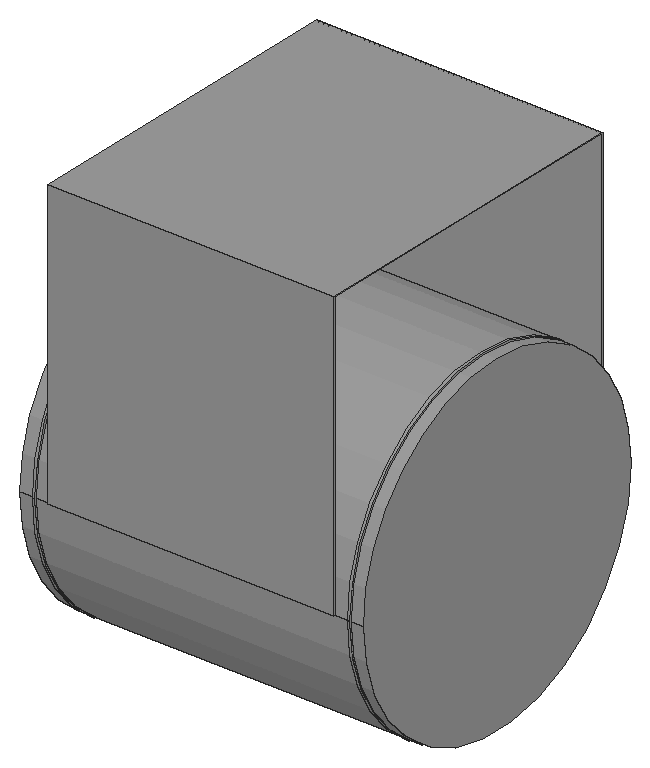
Revit family "BIMLIB_КанальныйВентилятор_CMF_SHUFT", category Оборудование, Revit 2017
Family settings
  Размер круглого соединителя = Использовать диаметр
  Тип детали = Вставляется
  На основе рабочей плоскости = Нет
  Всегда вертикально = Да
  При загрузке вырезать с полостями = Нет
  Общий = Нет
  Точка расчета площади = Нет
Parameters (values of type "CMFD 630")
  Повернуть УГО [instance] = yes
  Описание = "Корпус вентиляторов серии CMFE изготовлен из высококачественной стали, а CMFD – из алюминия. Вентиляторы оборудованы высокоэффективной диагональной крыльчаткой с направляющим аппаратом, обеспечивающим высокий КПД. Двигатель отделен от воздушного потока, клеммная коробка IP44. Шариковые подшипники двигателя не требуют техобслуживания и имеют длительный срок службы. Регулирование скорости вентиляторов CMFE осуществляется путем изменения напряжения за счет использования пятиступенчатых трансформаторов TRE-T или однофазных плавных регуляторов скорости SRE. К одному регулятору можно подключить несколько вентиляторов при условии, что общий ток вентиляторов не превышает номинальный ток регулятора. Регулирование скорости вентиляторов CMFD осуществляется с помощью частотных преобразователей VLT. В двигатели вентиляторов CMFE 250, CMFE 315 встроены защитные термореле с ручным перезапуском, а в двигатели остальных вентиляторов - термоконтакты, требующие подключения внешнего защитного термореле. В случае применения пятиступенчатых регуляторов скорости TRE-T дополнительное защитное термореле не нужно. На корпусе вентилятора имеется устойчивая опора для надежного монтажа."  # constant formula
  Климатическое исполнение = "У2"  # constant formula
  Изготовитель = "ООО «Завод ВКО» марка SHUFT"  # constant formula
  r1 = R + 1.4 mm  # 318.6 mm
  Watermark [instance] = "Модели защищены уникальным кодом"
  W = 638 mm
  URL = "http://www.shuft.ru/"
  R = D / 2  # 317.2 mm
  IP Двигателя = "IP55"
  H = 643 mm
  L = 653.5 mm
  D = 634.4 mm
  BL_Разработано = "support@bimlib.pro"  # constant formula
  BL_Email = "bimmodels@rusklimat.ru"  # constant formula
  BL_BIM library = "https://bimlib.pro/manufacturer/company/23829"
  ADSK_Частота вращения вентилятора = 1450
  ADSK_Ток = 5.1 A
  ADSK_Расход воздуха [instance] = 0.0 L/s
  ADSK_Размер_Диаметр = 630 mm
  ADSK_Примечание [instance] = ""
  ADSK_Потеря давления воздуха [instance] = 0.0 Pa
  ADSK_Полная мощность = ADSK_Номинальная мощность / ADSK_Коэффициент мощности  # 2.79 kW
  ADSK_Позиция = ""
  ADSK_Обозначение = ""
  ADSK_Номинальная мощность = 2.79 kW
  ADSK_Напряжение = 400 V
  ADSK_Наименование = "Канальный вентилятор CMFD 630"
  ADSK_Материал = BIMLIB_Сталь_SHUFT
  ADSK_Масса = 49.5
  ADSK_Марка = "CMFD 630"
  ADSK_Коэффициент мощности = 1
  ADSK_Количество фаз = 3
  ADSK_Код изделия = ADSK_Марка  # "CMFD 630"
  ADSK_Классификация нагрузок = Прочее
  ADSK_Завод-изготовитель = "ООО «Завод ВКО» марка SHUFT"  # constant formula
  ADSK_Единица измерения = "шт."  # constant formula
  ADSK_Версия семейства = "v.1"  # constant formula
  ADSK_Версия Revit = "2017"  # constant formula
  ADSK_URL страницы изделия = "http://www.shuft.ru/catalog/1/200/3000/4007/"
  ADSK_URL документации изделия = "http://www.shuft.ru/upload/downloads/passport-CMF.pdf"
Types (10, lengths in mm): name | Повернуть УГО | r1 | W | R | IP Двигателя | H | L | D | ADSK_Частота вращения вентилятора | ADSK_Ток | ADSK_Размер_Диаметр | ADSK_Полная мощность | ADSK_Номинальная мощность | ADSK_Напряжение | ADSK_Наименование | ADSK_Масса | ADSK_Марка | ADSK_Количество фаз | ADSK_Код изделия
  CMFE 160 | yes | 80.75 | 235 | 79.35 | "IP00" | 243.1 | 260 | 158.7 | 2610 | 0.6 A | 160 | 0.124 kW | 0.124 kW | 230 V | "Канальный вентилятор CMFE 160" | 3.3 | "CMFE 160" | 1 | "CMFE 160"
  CMFE 200 | yes | 102 | 199 | 100.6 | "IP00" | 205 | 225 | 201.2 | 2720 | 0.5 A | 200 | 0.09 kW | 0.09 kW | 230 V | "Канальный вентилятор CMFE 200" | 2.9 | "CMFE 200" | 1 | "CMFE 200"
  CMFE 250 | yes | 126.4 | 254 | 125 | "IP33" | 259 | 214.5 | 250 | 2680 | 0.8 A | 250 | 0.16 kW | 0.16 kW | 230 V | "Канальный вентилятор CMFE 250" | 5.4 | "CMFE 250" | 1 | "CMFE 250"
  CMFE 315 | no | 158.9 | 337 | 157.5 | "IP00" | 319 | 308 | 315 | 2810 | 1.6 A | 315 | 0.26 kW | 0.26 kW | 230 V | "Канальный вентилятор CMFE 315" | 8.4 | "CMFE 315" | 1 | "CMFE 315"
  CMFE 315S | yes | 158.9 | 349 | 157.5 | "IP54" | 324 | 350.7 | 315 | 2770 | 3.2 A | 315 | 0.52 kW | 0.52 kW | 230 V | "Канальный вентилятор CMFE 315S" | 15 | "CMFE 315S" | 1 | "CMFE 315S"
  CMFE 355 | yes | 178.15 | 389 | 176.75 | "IP00" | 363 | 396 | 353.5 | 2770 | 5.4 A | 355 | 0.96 kW | 0.96 kW | 230 V | "Канальный вентилятор CMFE 355" | 17.3 | "CMFE 355" | 1 | "CMFE 355"
  CMFD 400 | yes | 202.9 | 407 | 201.5 | "IP54" | 432 | 416 | 403 | 2180 | 2.7 A | 400 | 0.63 kW | 0.63 kW | 400 V | "Канальный вентилятор CMFD 400" | 20.3 | "CMFD 400" | 3 | "CMFD 400"
  CMFD 560 | yes | 283.4 | 568 | 282 | "IP55" | 573 | 581.5 | 564 | 1460 | 2.74 A | 560 | 1.41 kW | 1.41 kW | 400 V | "Канальный вентилятор CMFD 560" | 33 | "CMFD 560" | 3 | "CMFD 560"
  CMFD 630 | yes | 318.6 | 638 | 317.2 | "IP55" | 643 | 653.5 | 634.4 | 1450 | 5.1 A | 630 | 2.79 kW | 2.79 kW | 400 V | "Канальный вентилятор CMFD 630" | 49.5 | "CMFD 630" | 3 | "CMFD 630"
  CMFD 710 | yes | 358.4 | 717 | 357 | "IP55" | 723 | 731.5 | 714 | 1460 | 9.75 A | 710 | 4.99 kW | 4.99 kW | 400 V | "Канальный вентилятор CMFD 710" | 63 | "CMFD 710" | 3 | "CMFD 710"
Reference planes
  plane 1 "По центру (Вперед/Назад)": y = 0
  plane 2: z = 0
  plane 3 "По центру (Влево/Вправо)": x = 0
  plane 4: x = 326.75
  plane 5: x = -326.75
  plane 6: z = -100
  plane 7: z = 543
  plane 8: y = -319
  plane 9: y = 319
  plane 10: x = -271.75
  plane 11: x = 271.75
  plane 12: x = -296.75
  plane 13: x = 296.75
Forms (mm)
  Extrusion 1, solid, material "BIMLIB_Сталь_SHUFT" <- "ADSK_Материал", detail levels medium+fine
    sketch origin (0, 0, 0) x (0, 1, 0) y (0, 0, 1)
      loop
        circle (0, 0) r 317.2
    from -326.75 to 326.75
  Extrusion 2, solid, material "BIMLIB_Сталь_SHUFT" <- "ADSK_Материал", detail levels medium+fine
    sketch origin (0, 0, 0) x (0, 1, 0) y (0, 0, 1)
      loop
        line (319, 543) -> (-319, 543) -> (-319, 0) -> (-281.5, 0) -> (-281.5, 1) -> (-318, 1) -> (-318, 542) -> (318, 542) -> (318, 1) -> (281.5, 1) -> (281.5, 0) -> (319, 0) -> (319, 543)
    from -271.75 to 271.75
  Extrusion 3, solid, material "BIMLIB_Сталь_SHUFT" <- "ADSK_Материал", detail levels medium+fine
    sketch origin (0, 0, 0) x (0, 1, 0) y (0, 0, 1)
      loop
        circle (0, 0) r 318.6
    from -301.75 to -296.75
  Extrusion 4, solid, material "BIMLIB_Сталь_SHUFT" <- "ADSK_Материал", detail levels medium+fine
    sketch origin (0, 0, 0) x (0, 1, 0) y (0, 0, -1)
      loop
        circle (0, 0) r 318.6
    from -301.75 to -296.75
Dimensions and locks
  "L": plane 4 to plane 5
  equal spacing: plane 4, plane 3 "По центру (Влево/Вправо)", plane 5
  level to plane 6 = 100 mm
  "H": plane 7 to plane 6
  "W": plane 8 to plane 9
  equal spacing: plane 8, plane 1 "По центру (Вперед/Назад)", plane 9
  locked: plane 10 to plane 5 at 55
  locked: plane 4 to plane 11 at 55
  locked: plane 12 to plane 5 at 30
  locked: plane 13 to plane 4 at 30
  locked: plane 12 to Extrusion 3 at 5
  locked: plane 13 to Extrusion 4 at 5
  "R": radius of Extrusion 1 sketch curve
  "r1": radius of Extrusion 3 sketch curve
  "r1": radius of Extrusion 4 sketch curve
  aligned and locked: level to plane 2
  aligned and locked: Extrusion 1 to plane 5
  aligned and locked: plane 4 to Extrusion 1
  aligned and locked: plane 8 to Extrusion 2 sketch curve
  aligned and locked: plane 7 to Extrusion 2 sketch curve
  aligned and locked: Extrusion 2 sketch curve to plane 9
  aligned and locked: Extrusion 2 to plane 10
  aligned and locked: plane 11 to Extrusion 2
  aligned and locked: Extrusion 3 to plane 12
  aligned and locked: Extrusion 4 to plane 13
  aligned and locked: Extrusion 3 to nested 1
  aligned and locked: nested 1 to Extrusion 4
  aligned and locked: level to nested 1
Automatic sketch dimensions
  Extrusion 2 sketch curve to level = 0 mm  (x2)
  Extrusion 2 sketch curve to plane 8 = 1 mm
  Extrusion 2 sketch curve to Extrusion 2 sketch curve = 36.5 mm
  level to Extrusion 2 sketch curve = 1 mm  (x2)
  plane 9 to Extrusion 2 sketch curve = 37.5 mm
  plane 9 to Extrusion 2 sketch curve = 1 mm
  Extrusion 2 sketch curve to plane 7 = 1 mm
  Extrusion 1 sketch curve to level = 0 mm
  Extrusion 1 sketch curve to plane 1 "По центру (Вперед/Назад)" = 0 mm
  Extrusion 3 sketch curve to level = 0 mm
  Extrusion 3 sketch curve to plane 1 "По центру (Вперед/Назад)" = 0 mm
  Extrusion 4 sketch curve to level = 0 mm
  Extrusion 4 sketch curve to plane 1 "По центру (Вперед/Назад)" = 0 mm
Nested families
  nested 1: "BIMLIB_УГО_SHUFT" at (0, 0, 0) x (-1, 0, 0) z (0, 0, 1), Ширина <- "ADSK_Размер_Диаметр", УГО сверху <- "Повернуть УГО", Высота <- "ADSK_Размер_Диаметр", type "BIMLIB_УГО_SHUFT", detail levels coarse
    with Ширина/4 157.5 mm, Ширина 630 mm, УГО спереди no, УГО сверху yes, Длина 603.5 mm, Высота/4 157.5 mm, Высота УГО 3д План 126 mm, Высота 630 mm
Connectors
  hvac at (-301.75, 0, 0), driven by "ADSK_Размер_Диаметр", driven by "ADSK_Расход воздуха", driven by "ADSK_Потеря давления воздуха"
    settings: on Extrusion 3, index 1, duct flow 0.0 L/s, flow factor 0, pres drop 0.0 Pa, loss coef 0, conn angle 0.00°, conn width 304.8 mm, conn height 304.8 mm, conn diameter 630 mm, duct sys type 29, conn prof type 0, flow config 0, flow direction 2, loss method 0, conn ref index 2, conn util no, is conn primary no, conn desc "Наружный воздух"
  hvac at (301.75, 0, 0), driven by "ADSK_Размер_Диаметр", driven by "ADSK_Расход воздуха", driven by "ADSK_Потеря давления воздуха"
    settings: on Extrusion 4, index 2, duct flow 0.0 L/s, flow factor 0, pres drop 0.0 Pa, loss coef 0, conn angle 0.00°, conn width 304.8 mm, conn height 304.8 mm, conn diameter 630 mm, duct sys type 29, conn prof type 0, flow config 0, flow direction 1, loss method 0, conn ref index 1, conn util no, is conn primary yes, conn desc "Приточный воздух"
  electrical at (0, 0, 542), driven by "ADSK_Количество фаз", driven by "ADSK_Напряжение", driven by "ADSK_Номинальная мощность", driven by "ADSK_Классификация нагрузок", driven by "ADSK_Коэффициент мощности"
    settings: on Extrusion 2, index 3, voltage 400 V, apparent load 2.79 kW, apparent load phase1 0 kW, apparent load phase2 0 kW, apparent load phase3 0 kW, power factor 1, load classification "Прочее", number of poles 3, system type 30, power factor state 1, is connector primary yes, connector utility no, sub classification motor no, connector description "Электрический соединитель"
Definition of nested family "BIMLIB_УГО_SHUFT"
  Parameters (values of type "BIMLIB_УГО_SHUFT")
    Ширина/4 [instance] = Ширина / 4  # 105 mm
    Ширина [instance] = 420 mm
    УГО спереди [instance] = not(УГО сверху)  # no
    УГО сверху [instance] = yes
    Высота/4 [instance] = Высота / 4  # 63 mm
    Длина [instance] = 810 mm
    Высота УГО 3д План [instance] = 126 mm
    Высота 1 = 252 mm
    Высота [instance] = 252 mm
  Reference planes
    plane 1 "По центру (Вперед/Назад)": y = 0
    plane 2: z = 0
    plane 3 "По центру (Влево/Вправо)": x = 0
    plane 4: x = -405
    plane 5: x = 405
    plane 6: y = 210
    plane 7: y = -210
    plane 8: z = 126
    plane 9: z = 63
    plane 10: y = 105
    plane 11: y = -105
    plane 12 "УГО": z = 126
    plane 13: z = -63
    plane 14: z = -126
  Lines and regions (mm)
    model lines, visible <- "УГО спереди", detail levels coarse
      curve 1: line (-405, 0, 126) -> (-405, 0, -126)
      curve 2: line (-405, 0, -126) -> (405, 0, -126)
      curve 3: line (405, 0, -126) -> (405, 0, 126)
      curve 4: line (405, 0, 126) -> (-405, 0, 126)
      curve 20: line (-17.124, 0, -46.976) -> (-17.124, 0, 46.976)
      curve 21: line (-17.124, 0, 46.976) -> (50, 0, 0)
      curve 22: circle (0, 0, 0) r 50 normal (0, -1, 0)
      curve 23: line (50, 0, 0) -> (-17.124, 0, -46.976)
    model lines, visible <- "УГО сверху", detail levels coarse
      curve 5: line (-405, 210, 0) -> (-405, -210, 0)
      curve 6: line (-405, -210, 0) -> (405, -210, 0)
      curve 7: line (405, -210, 0) -> (405, 210, 0)
      curve 8: line (405, 210, 0) -> (-405, 210, 0)
      curve 9: line (-38.707, 60.625, 0) -> (71.928, 0, 0)
      curve 10: line (71.928, 0, 0) -> (-38.707, -60.625, 0)
      curve 11: line (-38.707, -60.625, 0) -> (-38.707, 60.625, 0)
      curve 24: circle (0, 0, 0) r 71.928 normal (0, 0, 1)
    symbolic lines, detail levels coarse
      curve 12: line (-405, 0, 126) -> (-405, 0, -126)
      curve 13: line (-405, 0, -126) -> (405, 0, -126)
      curve 14: line (405, 0, -126) -> (405, 0, 126)
      curve 15: line (405, 0, 126) -> (-405, 0, 126)
      curve 16: line (-405, 210, 0) -> (-405, -210, 0)
      curve 17: line (-405, -210, 0) -> (405, -210, 0)
      curve 18: line (405, -210, 0) -> (405, 210, 0)
      curve 19: line (405, 210, 0) -> (-405, 210, 0)
      curve 25: circle (0, 0, 0) r 71.928 normal (0, 0, 1)
      curve 26: line (-38.707, 60.625, 0) -> (-38.707, -60.625, 0)
      curve 27: line (-38.707, -60.625, 0) -> (71.928, 0, 0)
      curve 28: line (71.928, 0, 0) -> (-38.707, 60.625, 0)
      curve 29: circle (0, 0, 0) r 50 normal (0, -1, 0)
      curve 30: line (50, 0, 0) -> (-17.101, 0, 46.985)
      curve 31: line (-17.101, 0, 46.985) -> (-17.101, 0, -46.985)
      curve 32: line (50, 0, 0) -> (-17.101, 0, -46.985)
  Dimensions and locks
    equal spacing: plane 4, plane 3 "По центру (Влево/Вправо)", plane 5
    "Длина": plane 4 to plane 5
    "Ширина": plane 7 to plane 6
    equal spacing: plane 6, plane 10, plane 1 "По центру (Вперед/Назад)", plane 11, plane 7
    "Высота": plane 12 "УГО" to plane 14
    equal spacing: plane 12 "УГО", plane 9, level, plane 13, plane 14
    aligned and locked: level to plane 2
    aligned and locked: plane 8 to curve 15
    aligned and locked: curve 5 to plane 4
    aligned and locked: plane 5 to curve 7
    aligned and locked: plane 14 to curve 13
    aligned and locked: plane 12 "УГО" to curve 15
  Automatic sketch dimensions
    curve 24 to curve 25 = 0 mm  (x2)
    plane 1 "По центру (Вперед/Назад)" to curve 25 = 0 mm
    curve 25 to plane 3 "По центру (Влево/Вправо)" = 0 mm
    plane 1 "По центру (Вперед/Назад)" to curve 28 = 0 mm
    plane 1 "По центру (Вперед/Назад)" to curve 9 = 0 mm
    plane 1 "По центру (Вперед/Назад)" to curve 27 = 0 mm
    plane 7 to curve 16 = 0 mm
    curve 19 to plane 6 = 0 mm
    curve 9 to plane 3 "По центру (Влево/Вправо)" = 38.707 mm
    plane 3 "По центру (Влево/Вправо)" to curve 9 = 71.928 mm
    curve 27 to curve 10 = 0 mm
    curve 28 to curve 9 = 0 mm
    curve 22 to curve 29 = 0 mm  (x2)
    curve 1 to plane 4 = 0 mm
    curve 29 to level = 0 mm
    curve 29 to plane 3 "По центру (Влево/Вправо)" = 0 mm
    curve 21 to level = 0 mm
    curve 32 to level = 0 mm
    curve 15 to plane 5 = 0 mm
    curve 21 to plane 3 "По центру (Влево/Вправо)" = 17.124 mm
    curve 20 to curve 30 = 0.023 mm
    plane 3 "По центру (Влево/Вправо)" to curve 21 = 50 mm
    curve 32 to curve 21 = 0 mm
    radius of curve 25 = 71.928 mm
